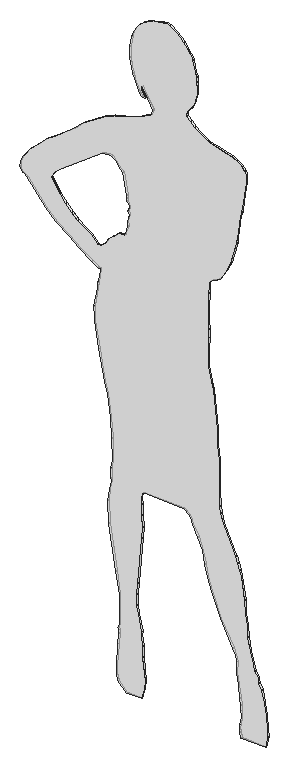
Revit family "Flat Girl 03", category Entourage, Revit 2015
Parameters
  Flat Material [instance] = none
  Height = 0 mm
Reference planes
  plane 1 "Center (Front/Back)": y = 0
  plane 2: z = 0
  plane 3 "Center (Left/Right)": x = 0
Forms (mm)
  Extrusion 1, solid, material <- "Flat Material"
    sketch origin (0, 0, 0) x (1, 0, 0) y (0, 0, 1)
      loop
        line (195.016, 1234.708) -> (196.109, 1248.37) -> (199.388, 1262.033) -> (202.665, 1287.719) -> (204.305, 1303.02) -> (208.674, 1316.682) -> (213.038, 1343.412) -> (221.788, 1395.38) -> (221.788, 1408.496) -> (221.241, 1415.601) -> (217.417, 1422.158) -> (207.582, 1432.542) -> (194.47, 1440.193) -> (181.357, 1446.205) -> (166.607, 1449.483) -> (142.02, 1454.948) -> (127.27, 1457.681) -> (114.157, 1462.053) -> (90.118, 1475.716) -> (77.552, 1483.913) -> (66.625, 1493.751) -> (55.698, 1503.041) -> (55.151, 1509.599) -> (59.477, 1517.894) -> (69.639, 1528.905) -> (75.567, 1540.34) -> (84.458, 1568.715) -> (85.305, 1583.963) -> (83.611, 1596.668) -> (82.764, 1610.643) -> (79.8, 1622.502) -> (72.18, 1648.76) -> (70.062, 1655.96) -> (65.828, 1662.313) -> (56.937, 1672.901) -> (47.199, 1685.607) -> (37.461, 1694.5) -> (26.452, 1702.97) -> (7.863, 1713.871) -> (0.202, 1714.829) -> (-11.654, 1713.558) -> (-38.751, 1708.477) -> (-53.145, 1702.123) -> (-64.577, 1695.347) -> (-76.855, 1686.029) -> (-86.17, 1675.442) -> (-94.215, 1661.889) -> (-98.026, 1649.184) -> (-103.952, 1622.502) -> (-103.53, 1594.977) -> (-99.72, 1571.257) -> (-95.908, 1556.857) -> (-90.405, 1544.998) -> (-80.667, 1518.74) -> (-76.008, 1512.811) -> (-69.658, 1508.153) -> (-67.117, 1506.035) -> (-63.307, 1506.459) -> (-59.92, 1507.729) -> (-60.343, 1509.424) -> (-68.388, 1520.434) -> (-71.352, 1522.976) -> (-71.352, 1526.363) -> (-70.082, 1533.14) -> (-62.676, 1522.263) -> (-55.565, 1509.291) -> (-40.087, 1484.187) -> (-44.595, 1470.895) -> (-59.475, 1464.516) -> (-89.942, 1450.342) -> (-147.334, 1434.041) -> (-174.259, 1421.992) -> (-203.309, 1404.982) -> (-232.36, 1385.846) -> (-257.868, 1363.874) -> (-308.881, 1326.312) -> (-335.807, 1309.301) -> (-360.605, 1287.329) -> (-381.154, 1268.194) -> (-402.409, 1241.969) -> (-409.495, 1227.795) -> (-410.912, 1213.62) -> (-409.495, 1207.95) -> (-403.826, 1201.571) -> (-398.159, 1199.445) -> (-391.073, 1194.484) -> (-340.058, 1137.075) -> (-310.3, 1110.143) -> (-274.873, 1088.88) -> (-243.696, 1066.2) -> (-210.394, 1045.647) -> (-193.389, 1037.142) -> (-190.556, 1036.433) -> (-185.595, 1037.85) -> (-189.215, 1015.35) -> (-193.312, 1000.594) -> (-194.952, 985.839) -> (-203.966, 935.833) -> (-203.146, 911.24) -> (-203.146, 898.124) -> (-200.688, 885.008) -> (-190.035, 835.003) -> (-181.02, 783.358) -> (-175.283, 759.586) -> (-167.088, 730.075) -> (-158.892, 675.151) -> (-153.975, 623.506) -> (-152.336, 571.862) -> (-156.434, 548.908) -> (-156.434, 522.675) -> (-154.795, 519.397) -> (-161.099, 494.228) -> (-165.505, 465.588) -> (-162.568, 409.041) -> (-142.746, 295.214) -> (-133.202, 240.137) -> (-132.281, 168.257) -> (-137.607, 156.841) -> (-134.671, 151.701) -> (-134.671, 142.889) -> (-137.607, 115.717) -> (-142.011, 58.436) -> (-141.277, 40.812) -> (-136.872, 23.186) -> (-113.789, 1.25) -> (-71.501, 1.25) -> (-62.723, 27.593) -> (-61.255, 48.155) -> (-67.128, 106.905) -> (-67.862, 134.077) -> (-72.267, 160.513) -> (-70.064, 169.325) -> (-80.287, 210.215) -> (-84.014, 230.59) -> (-84.748, 257.761) -> (-81.811, 285.668) -> (-70.064, 402.433) -> (-67.862, 431.807) -> (-70.798, 459.712) -> (-70.798, 488.353) -> (-72.267, 500.836) -> (-68.854, 516.124) -> (-55.632, 516.938) -> (48.446, 517.757) -> (65.02, 503.774) -> (70.894, 488.353) -> (86.311, 460.447) -> (98.056, 431.072) -> (106.132, 400.229) -> (112.006, 368.652) -> (123.752, 338.542) -> (149.447, 279.059) -> (183.953, 216.637) -> (191.294, 201.951) -> (194.964, 187.263) -> (194.231, 159.358) -> (195.7, 144.67) -> (199.37, 129.982) -> (203.775, 98.405) -> (206.711, 83.717) -> (206.711, 69.029) -> (207.445, 54.343) -> (203.775, 33.046) -> (202.306, 23.5) -> (203.041, 14.686) -> (206.712, 0) -> (274.254, 0) -> (277.924, 8.812) -> (281.596, 29.374) -> (279.393, 47.734) -> (277.19, 79.311) -> (271.318, 110.155) -> (264.71, 139.529) -> (256.634, 154.217) -> (254.432, 163.029) -> (255.165, 168.904) -> (244.887, 182.122) -> (240.482, 196.81) -> (233.14, 226.918) -> (225.8, 258.497) -> (223.597, 287.137) -> (219.192, 316.511) -> (216.989, 348.823) -> (207.445, 405.369) -> (203.775, 420.057) -> (197.167, 434.745) -> (192.763, 449.431) -> (184.686, 463.384) -> (156.623, 520.217) -> (150.886, 542.351) -> (147.607, 560.384) -> (145.969, 598.913) -> (145.969, 671.871) -> (140.233, 711.22) -> (140.233, 748.108) -> (132.857, 821.887) -> (129.578, 844.841) -> (123.022, 864.514) -> (115.646, 898.944) -> (114.826, 937.473) -> (117.285, 970.263) -> (117.285, 992.396) -> (115.646, 1008.791) -> (115.646, 1044.861) -> (116.466, 1080.93) -> (118.105, 1098.965) -> (118.925, 1108.802) -> (124.537, 1115.023) -> (138.743, 1121.034) -> (149.124, 1127.046) -> (164.967, 1152.732) -> (178.626, 1178.964) -> (195.016, 1234.708)
      loop
        line (-310.3, 1235.59) -> (-323.647, 1220.237) -> (-298.254, 1183.852) -> (-282.665, 1165.425) -> (-265.66, 1150.541) -> (-248.655, 1135.658) -> (-230.233, 1124.318) -> (-211.103, 1112.978) -> (-194.806, 1098.094) -> (-194.098, 1095.259) -> (-191.264, 1095.259) -> (-185.595, 1095.967) -> (-177.801, 1100.929) -> (-170.007, 1108.725) -> (-165.048, 1116.522) -> (-150.876, 1130.696) -> (-145.209, 1132.823) -> (-141.665, 1137.784) -> (-133.871, 1143.454) -> (-122.535, 1144.871) -> (-118.283, 1144.871) -> (-116.866, 1150.541) -> (-109.781, 1169.677) -> (-110.49, 1181.018) -> (-108.364, 1189.522) -> (-104.822, 1200.154) -> (-109.072, 1207.95) -> (-104.822, 1218.581) -> (-108.364, 1227.086) -> (-111.907, 1232.047) -> (-111.907, 1237.717) -> (-112.616, 1246.223) -> (-123.824, 1298.542) -> (-129.621, 1304.34) -> (-143.791, 1321.35) -> (-153.712, 1329.145) -> (-162.214, 1331.98) -> (-182.053, 1325.602) -> (-218.543, 1301.151) -> (-255.032, 1276.698) -> (-291.876, 1250.475) -> (-310.3, 1235.59)
    from -2.5 to 2.5
Lines and regions (mm)
  model lines
    curve 1: line (0, 148, 0) -> (0, -152, 0)
    curve 2: line (148.202, -0.202, 0) -> (-151.798, -0.202, 0)
Dimensions and locks
  aligned and locked: level to plane 2
